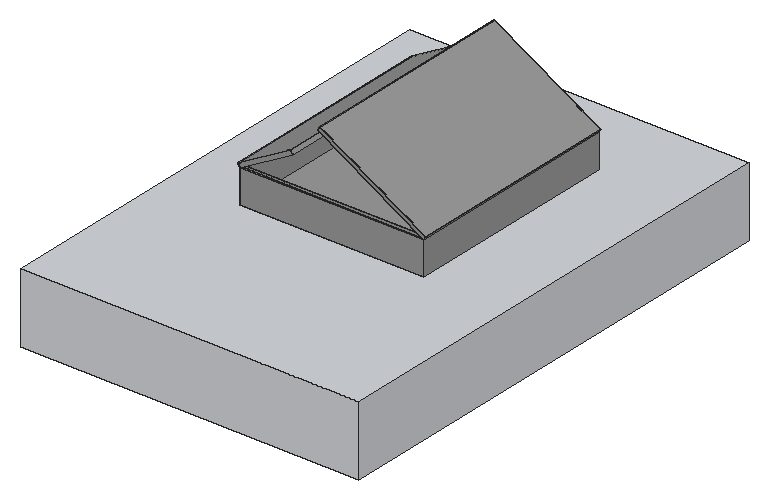
Revit family "Hager-Univers-IP44-D161-Cl.II-FWB-encl--DE-de", category Equipement électrique, Revit 2020
Family settings
  Hôte = Face
  Configuration du panneau = Deux colonnes, circuits au sein
  Cote de connecteur circulaire = Utiliser le diamètre
  Type d'élément = Tableau de raccordement
  Couper avec des vides une fois chargée = Non
  Partagée = Non
  Point de calcul de pièce = Non
Parameters (values of type "Aufputz IP44 B800 H950 T161  - FWB63D")
  Width Control [instance] = if([EF000008 - Breite] > Min Width, [EF000008 - Breite], Min Width)  # 800 mm
  Commentaires du type = [HG000003 - Bereich]  # "Univers"
  Thickness Door [instance] = if([EF009171 - Materialstärke Tür/Deckel] > 3 mm, 3 mm, [EF009171 - Materialstärke Tür/Deckel])  # 1 mm
  Seal Frame Offset [instance] = 17 mm  # constant formula
  Plinth Visibility [instance] = [HG000027 - Sockelhöhe] > 0 mm  # no
  Model = ""
  Min Width [instance] = 100 mm  # constant formula
  Min Height [instance] = 100 mm  # constant formula
  Min Depth [instance] = (2 * [EF009170 - Materialstärke Gehäuse]) + 1 mm  # 3 mm
  Internal Frame Depth [instance] = (Door System Depth * 0.5)  # 9 mm
  Height Control [instance] = if([EF000040 - Höhe] > Min Height, [EF000040 - Höhe], Min Height)  # 950 mm
  HG000027 - Sockelhöhe = 0 mm
  HG000026 - Stehend auf dem Boden = no
  HG000024 - Höhe des unteren Teils = 800 mm
  HG000023 - Gehäuse mit doppeltem Querschnitt = no
  HG000016 - 3D-Türsichtbarkeit [instance] = yes
  HG000015 - Sichtbarkeit der Türöffnung [instance] = no
  HG000014 - Tür rechts [instance] = yes
  HG000013 - Tür links [instance] = not([HG000014 - Tür rechts])  # no
  HG000012 - Türschwenkwinkel [instance] = 30.00°
  HG000010 - Asymmetrische Türen = yes
  HG000009 - Doppelflügeligen Tür = yes
  HG000006 - Unterputz = no
  HG000004 - Herstellerreferenz = "FWB63D"
  HG000003 - Bereich = "Univers"
  HG000002 - Mit tür = yes
  Frame Offset Bottom [instance] = 10 mm  # constant formula
  Frame Offset [instance] = 15 mm  # constant formula
  EF015940 - Deckel mit Überdruckentlastung = no
  EF011959 - Schutzart (NEMA) = ""
  EF009554 - Anzahl der Öffnungen für Flanschplatten = 6
  Fabricant = "Hager"  # constant formula
  EF009212 - Ausführung Deckel = "EV000116 - geschlossen"
  EF009171 - Materialstärke Tür/Deckel = 1 mm
  EF009170 - Materialstärke Gehäuse = 1 mm
  EF008873 - Nennstrom (In) = 125 A
  EF007800 - Geeignet für Blitzschutz = no
  EF006306 - Mit Schloss = no
  EF006244 - Transparenter Deckel/Tür = no
  EF005474 - Schutzart (IP) = "EV006418 - IP44"
  EF004464 - Art der Tür = "EV000494 - ohne"
  EF004427 - Anzahl der Module = 216
  EF004293 - Schlagfestigkeit = "EV006815 - IK09"
  EF003532 - Geeignet für Außengebrauch = no
  EF002950 - Breite in Teilungseinheiten = 12
  EF001613 - Funktionserhalt = "EV000494 - ohne"
  EF001596 - Werkstoff des Gehäuses = "EV000179 - Stahl"
  EF001131 - Innentiefe = 156 mm
  EF001088 - Anbaumöglichkeit = yes
  EF000437 - Anzahl der Leitungseinführungen = 12
  EF000339 - Art der Abdeckung = "EV004216 - Tür"
  EF000266 - Anzahl der Reihen = 0
  EF000218 - Einbautiefe = 0 mm
  EF000118 - Mit Montageplatte = no
  EF000116 - RAL-Nummer = "9010"
  EF000049 - Tiefe = 161 mm
  EF000040 - Höhe = 950 mm
  EF000008 - Breite = 800 mm
  EF000007 - Farbe = "EV000202 - weiß"
  EF000003 - Montageart = "EV000384 - Aufputz"
  Door System Leaf Tolerance [instance] = 1.5 mm  # constant formula
  Door System Depth [instance] = 18 mm  # constant formula
  Door Height [instance] = Height Control - [HG000027 - Sockelhöhe]  # 950 mm
  Depth Control [instance] = if([EF000049 - Tiefe] > Min Depth, [EF000049 - Tiefe], Min Depth)  # 161 mm
  Default Elevation = 0 mm
  Connector Offset [instance] = Height Control / 2  # 475 mm
  Bottom Top Plate Trim [instance] = 1.5 mm  # constant formula
  Plinth height Ctrl [instance] = if([HG000027 - Sockelhöhe] > 0 mm, [HG000027 - Sockelhöhe], 12 mm)  # 12 mm
Reference planes
  plane 1 "Center (Front/Back)": y = 0
  plane 2: z = 0
  plane 3 "Center (Left/Right)": x = 0
  plane 4: z = 161
  plane 5: y = 1
  plane 6: y = 475
  plane 7: y = 0
  plane 8: y = 950
  plane 9: z = 0
  plane 10: x = -385
  plane 11: x = 385
  plane 12: x = 384
  plane 13: x = -384
  plane 14: y = 949
  plane 15: x = -383
  plane 16: x = -400
  plane 17: x = 383
  plane 18: x = 400
  plane 19: x = 399
  plane 20: x = -399
  plane 21: y = 11
  plane 22: y = 950
  plane 23: y = 934
  plane 24: z = 143
  plane 25: z = 1
  plane 26: z = 142
  plane 27: z = 160
Forms (mm)
  Extrusion 1, solid
    sketch origin (0, 0, 0) x (1, 0, 0) y (0, 1, 0)
      loop
        line (-702.964, 1305) -> (-702.964, -811.445) -> (766.763, -811.445) -> (766.763, 1305) -> (-702.964, 1305)
    from 0 to -304.8
  Extrusion 2, solid, material "Hager_Steel_RAL7035_Light_Grey", visible <- "Plinth Visibility", detail levels medium+fine
    sketch origin (0, 0, 0) x (1, 0, 0) y (0, 1, 0)
      loop
        line (-400, 0) -> (400, 0) -> (400, 12) -> (-400, 12) -> (-400, 0)
    from 0 to 143
  Extrusion 3, solid, material "Hager_Steel_RAL7035_Light_Grey", detail levels medium+fine
    sketch origin (0, 0, 0) x (1, 0, 0) y (0, 1, 0)
      loop
        line (-400, 0) -> (400, 0) -> (400, 950) -> (-400, 950) -> (-400, 0)
    from 0 to 143
  Extrusion 4, void
    sketch origin (0, 0, 0) x (1, 0, 0) y (0, 1, 0)
      loop
        line (-399, 1) -> (399, 1) -> (399, 949) -> (-399, 949) -> (-399, 1)
    from 1 to 142
  Extrusion 5, void
    sketch origin (-381.607, -4572, 143) x (0, -1, 0) y (-1, 0, 0)
      loop
        line (-4583, 2.393) -> (-5506, 2.393) -> (-5506, -765.607) -> (-4583, -765.607) -> (-4583, 2.393)
    from 0 to 1 <- "EF009170 - Materialstärke Gehäuse"
  Extrusion 6, solid, material "Hager_Steel_RAL7035_Light_Grey", detail levels fine
    sketch origin (0, 0, 143) x (1, 0, 0) y (0, 1, 0)
      loop
        line (-384, 934) -> (-384, 11) -> (384, 11) -> (384, 934) -> (-384, 934)
      loop
        line (-385, 10) -> (385, 10) -> (385, 935) -> (-385, 935) -> (-385, 10)
    from 0 to 9 <- "Internal Frame Depth"
  Extrusion 7, solid, material "Hager_Steel_RAL7035_Light_Grey", detail levels coarse
    sketch origin (0, 0, 0) x (1, 0, 0) y (0, 1, 0)
      loop
        line (-400, 0) -> (400, 0) -> (400, 950) -> (-400, 950) -> (-400, 0)
    from 0 to 161
  Sweep 8, void
    path in 3D
      loop
        line (-400, 12, 0) -> (400, 12, 0) -> (400, 12, 143) -> (-400, 12, 143) -> (-400, 12, 0)
    profile origin (-400, 12, 71.5) x (-1, 0, 0) y (0, -1, 0)
      loop
        line (0, 0) -> (0, 1.5) -> (-1.5, 1.5)
        arc (-1.5, 1.5) -> (-1.061, 0.439) -> (0, 0) r 1.5
Cuts and joins
  Extrusion 4, Extrusion 5 cuts Extrusion 3
  Sweep 8 cuts Extrusion 2
Lines and regions (mm)
  Masking region 1
    outline origin (0, 0, 0) x (1, 0, 0) y (0, 0, 1)
      loop
        line (-400, 161) -> (-400, 0) -> (400, 0) -> (400, 161) -> (-400, 161)
  Masking region 2, detail levels medium+fine
    outline origin (0, 140, 0) x (0, 1, 0) y (0, 0, 1)
      loop
        line (-140, 0) -> (810, 0) -> (810, 143) -> (-140, 143) -> (-140, 0)
  Masking region 3, not visible, detail levels medium+fine
    outline origin (0, 297.922, 0) x (0, 1, 0) y (0, 0, 1)
      loop
        line (188.578, 0) -> (228.578, 0) -> (228.578, 150)
        arc (228.578, 150) -> (225.649, 157.071) -> (218.578, 160) r 10
        line (218.578, 160) -> (188.578, 160) -> (188.578, 0)
  Masking region 4, detail levels coarse
    outline origin (0, 0, 180) x (0, 1, 0) y (0, 0, 1)
      loop
        line (0, -180) -> (950, -180) -> (950, -19) -> (0, -19) -> (0, -180)
  Masking region 5, visible <- "Plinth Visibility", detail levels medium+fine
    outline origin (0, 52.24, 12.345) x (0, 0, -1) y (0, 1, 0)
      loop
        line (10.845, -40.24) -> (-129.155, -40.24)
        arc (-129.155, -40.24) -> (-129.594, -41.301) -> (-130.655, -41.74) r 1.5
        line (-130.655, -41.74) -> (-130.655, -52.24) -> (12.345, -52.24) -> (12.345, -41.74)
        arc (12.345, -41.74) -> (11.285, -41.301) -> (10.845, -40.24) r 1.5
  Masking region 6, detail levels medium+fine
    outline origin (-381.607, -4572, 143) x (-1, 0, 0) y (0, -1, 0)
      loop
        line (18.393, -5522) -> (18.393, -4572) -> (-781.607, -4572) -> (-781.607, -5522) -> (18.393, -5522)
  Masking region 7, visible <- "Plinth Visibility", detail levels medium+fine
    outline origin (-381.607, -4727, 143) x (-1, 0, 0) y (0, -1, 0)
      loop
        arc (16.893, -4739) -> (17.332, -4737.939) -> (18.393, -4737.5) r 1.5
        line (18.393, -4737.5) -> (18.393, -4727) -> (-781.607, -4727) -> (-781.607, -4737.5)
        arc (-781.607, -4737.5) -> (-780.546, -4737.939) -> (-780.107, -4739) r 1.5
        line (-780.107, -4739) -> (16.893, -4739)
  Masking region 8, detail levels coarse
    outline origin (-442.548, -4669.526, 143) x (-1, 0, 0) y (0, -1, 0)
      loop
        line (-42.548, -5619.526) -> (-42.548, -4669.526) -> (-842.548, -4669.526) -> (-842.548, -5619.526) -> (-42.548, -5619.526)
  sketch lines
    curve 1: line (-400, 12, 143) -> (-400, 12, 0)
    curve 2: line (400, 12, 143) -> (-400, 12, 143)
    curve 3: line (400, 12, 143) -> (400, 12, 0)
    curve 4: line (-400, 12, 0) -> (400, 12, 0)
Dimensions and locks
  "Depth Control": plane 4 to Extrusion 1
  "HG000027 - Sockelhöhe": plane 1 "Center (Front/Back)" to plane 7
  "EF009170 - Materialstärke Gehäuse": plane 5 to plane 7
  locked: connector elem to plane 3 "Center (Left/Right)"
  equal spacing: plane 8, plane 6, plane 7
  locked: connector elem to plane 6
  "EF009170 - Materialstärke Gehäuse": plane 8 to plane 14
  "EF009170 - Materialstärke Gehäuse": plane 10 to plane 13
  "EF009170 - Materialstärke Gehäuse": plane 12 to plane 11
  "Frame Offset": plane 20 to plane 13
  "Frame Offset": plane 12 to plane 19
  "EF009170 - Materialstärke Gehäuse": plane 16 to plane 20
  "EF009170 - Materialstärke Gehäuse": plane 19 to plane 18
  "Seal Frame Offset": plane 16 to plane 15
  "Seal Frame Offset": plane 17 to plane 18
  "Frame Offset Bottom": plane 21 to plane 5
  "Frame Offset": plane 14 to plane 23
  equal spacing: plane 16, plane 3 "Center (Left/Right)", plane 18
  "Width Control": plane 16 to plane 18
  "EF009170 - Materialstärke Gehäuse": plane 4 to plane 27
  "EF009170 - Materialstärke Gehäuse": plane 24 to plane 26
  "EF009170 - Materialstärke Gehäuse": plane 25 to level
  "Door System Depth": plane 4 to plane 24
  "Height Control": plane 1 "Center (Front/Back)" to Extrusion 7 sketch curve
  "Height Control": Masking region 4 sketch curve to plane 1 "Center (Front/Back)"
  "Height Control": plane 1 "Center (Front/Back)" to plane 22
  "Bottom Top Plate Trim": profile plane to Sweep 8 sketch curve
  "Bottom Top Plate Trim": Sweep 8 sketch curve to profile plane
  "Plinth height Ctrl": plane 1 "Center (Front/Back)" to Extrusion 2 sketch curve
  "Plinth height Ctrl": Masking region 5 sketch curve to plane 1 "Center (Front/Back)"
  "Plinth height Ctrl": plane 1 "Center (Front/Back)" to Masking region 7 sketch curve
  "Thickness Door": Extrusion 6 sketch curve to Extrusion 6 sketch curve  (x3)
  "Thickness Door": cut or joined group of Extrusion 3, Extrusion 4, Extrusion 5 to Extrusion 6 sketch curve
  radius of Masking region 3 sketch curve = 10 mm
  "Bottom Top Plate Trim": radius of Masking region 5 sketch curve  (x2)
  "Bottom Top Plate Trim": radius of Sweep 8 sketch curve
  "Bottom Top Plate Trim": radius of Masking region 7 sketch curve  (x2)
  aligned and locked: plane 2 to Extrusion 1
  aligned and locked: level to Extrusion 1
  aligned and locked: level to Masking region 1 sketch curve
  aligned and locked: Masking region 1 sketch curve to plane 18
  aligned and locked: Masking region 1 sketch curve to plane 16
  aligned and locked: plane 7 to Masking region 2 sketch curve
  aligned and locked: level to Masking region 3 sketch curve
  aligned and locked: Masking region 3 sketch curve to plane 27
  aligned and locked: level to Masking region 2 sketch curve
  aligned and locked: plane 1 "Center (Front/Back)" to Extrusion 2 sketch curve
  aligned and locked: Extrusion 3 sketch curve to plane 7
  aligned and locked: plane 16 to Extrusion 3 sketch curve
  aligned and locked: plane 18 to Extrusion 3 sketch curve
  aligned and locked: plane 20 to Extrusion 4 sketch curve
  aligned and locked: plane 19 to Extrusion 4 sketch curve
  aligned and locked: Extrusion 4 sketch curve to plane 5
  aligned and locked: Extrusion 4 to plane 25
  aligned and locked: plane 26 to Extrusion 4
  aligned and locked: plane 24 to Extrusion 3
  aligned and locked: Extrusion 5 sketch curve to plane 21
  aligned and locked: Extrusion 5 sketch curve to plane 13
  aligned and locked: Extrusion 5 sketch curve to plane 12
  aligned and locked: plane 18 to Extrusion 7 sketch curve
  aligned and locked: plane 1 "Center (Front/Back)" to Extrusion 7 sketch curve
  aligned and locked: plane 16 to Extrusion 7 sketch curve
  aligned and locked: plane 4 to Extrusion 7
  aligned and locked: Extrusion 7 to level
  aligned and locked: level to Masking region 4 sketch curve
  aligned and locked: Masking region 4 sketch curve to plane 1 "Center (Front/Back)"
  aligned and locked: Masking region 4 sketch curve to plane 4
  aligned and locked: nested 1 to level
  aligned and locked: nested 1 to plane 16
  aligned and locked: plane 8 to Extrusion 3 sketch curve
  aligned and locked: plane 23 to Extrusion 5 sketch curve
  aligned and locked: plane 14 to Extrusion 4 sketch curve
  aligned and locked: Masking region 2 sketch curve to plane 8
  aligned and locked: level to Masking region 5 sketch curve
  aligned and locked: plane 16 to Extrusion 2 sketch curve
  aligned and locked: plane 18 to Extrusion 2 sketch curve
  aligned and locked: Masking region 5 sketch curve to plane 24
  aligned and locked: Masking region 2 sketch curve to plane 24
  aligned and locked: plane 24 to Extrusion 2
  aligned and locked: profile plane to Sweep 8 sketch curve  (x2)
  aligned and locked: Masking region 6 sketch curve to plane 18
  aligned and locked: Masking region 6 sketch curve to plane 22
  aligned and locked: Masking region 6 sketch curve to plane 16
  aligned and locked: plane 8 to plane 22
  aligned and locked: Masking region 6 sketch curve to plane 7
  aligned and locked: Masking region 7 sketch curve to plane 16
  aligned and locked: Masking region 7 sketch curve to plane 1 "Center (Front/Back)"
  aligned and locked: Masking region 7 sketch curve to plane 18
  aligned and locked: Masking region 8 sketch curve to plane 1 "Center (Front/Back)"
  aligned and locked: Masking region 8 sketch curve to plane 18
  aligned and locked: Masking region 8 sketch curve to plane 22
  aligned and locked: Masking region 8 sketch curve to plane 16
  aligned and locked: nested 2 to plane 7
  aligned and locked: plane 3 "Center (Left/Right)" to nested 2
  aligned and locked: nested 2 to plane 24
  aligned and locked: Extrusion 6 sketch curve to cut or joined group of Extrusion 3, Extrusion 4, Extrusion 5  (x4)
Automatic sketch dimensions
  Extrusion 1 sketch curve to Extrusion 1 sketch curve = 1469.727 mm
  Extrusion 1 sketch curve to Extrusion 1 sketch curve = 2116.445 mm
  Masking region 1 sketch curve to plane 4 = 0 mm
  plane 6 to Masking region 3 sketch curve = 11.5 mm
  Masking region 3 sketch curve to Masking region 3 sketch curve = 30 mm
  Masking region 5 sketch curve to plane 1 "Center (Front/Back)" = 0 mm
Nested families
  nested 1: "Hager_Enclosure_Symbol" at (-400, 0, 0) x (1, 0, 0) z (0, -1, 0), Height <- "Depth Control", Width <- "Width Control", type "Hager_Enclosure_Symbol"
    with Width_Ctrl 800 mm, Width 800 mm, Height_Ctrl 161 mm, Height 161 mm, A_Width_Int 10.566 mm, A_Width 126.788 mm, A_Height_Ctrl 140.875 mm, A_Height 140.875 mm
  nested 2: "EC000058_Univers_Door" at (0, 0, 143) x (1, 0, 0) z (0, 1, 0), Leaf_Tolerance <- "Door System Leaf Tolerance", Angle <- "HG000012 - Türschwenkwinkel", Door_Depth <- "Door System Depth", Door_Left <- "HG000013 - Tür links", Transparent <- "EF006244 - Transparenter Deckel/Tür", Assymetrical <- "HG000010 - Asymmetrische Türen", Width <- "Width Control", Clearance <- "HG000015 - Sichtbarkeit der Türöffnung", Double <- "HG000009 - Doppelflügeligen Tür", 3d_Door <- "HG000016 - 3D-Türsichtbarkeit", Lock_Visibility <- "EF006306 - Mit Schloss", Width_Ctrl <- "Width Control", Door_Right <- "HG000014 - Tür rechts", Door <- "HG000002 - Mit tür", Height <- "Door Height", Thickness <- "Thickness Door", type "EC000058_Univers_Door", detail levels medium+fine
    with min_wh 3 mm, Width_Ctrl 800 mm, Width 800 mm, Transparent no, Thickness 1 mm, Seal_Material Hager_Rubber, Lock_Visibility no, Lock_Material Hager_Plastic_RAL9005_Jet_Black, Leaf_Width 800 mm, Leaf_Tolerance_External_Sides 0 mm, Leaf_Tolerance 1.5 mm, Leaf_Offset 0 mm, Leaf_Height 947 mm, Leaf_2_Width 532.583 mm, Leaf_2_Offset 266.292 mm, Leaf_1_Width 265.917 mm, Leaf_1_Offset 132.958 mm, Height_Ctrl 950 mm, Height 950 mm, Glass_Material Hager_Glass, Double_Clearance_Ctrl no, Double yes, Door_Right_Ctrl yes, Door_Right yes, Door_Material Hager_Steel_RAL7035_Light_Grey, Door_Left_Ctrl yes, Door_Left no, Door_Depth 18 mm, Door yes, Clearance_Material Hager_Clearance, Clearance_Depth 532.583 mm, Clearance_Ctrl no, Clearance no, Assymetrical yes, Angle 30.00°, 3d_Door yes
Connectors
  electrical at (0, 475, 0)
    settings: on plane 9, index 1, voltage 0 V, apparent load 0 VA, apparent load phase1 0 VA, apparent load phase2 0 VA, apparent load phase3 0 VA, power factor 1, load classification "Other", number of poles 1, system type 30, power factor state 1, is connector primary yes, connector utility no, sub classification motor no, connector description ""
Definition of nested family "EC000058_Univers_Door"
  Parameters (values of type "EC000058_Univers_Door")
    min_wh [instance] = (2 * Thickness) + 1 mm  # 11 mm
    Width_Ctrl [instance] = 400 mm
    Width [instance] = 500 mm
    Transparent [instance] = yes
    Thickness [instance] = 5 mm
    Seal_Material [instance] = none
    Lock_Visibility [instance] = yes
    Lock_Material [instance] = none
    Leaf_Width [instance] = if((Width_Ctrl - 2 * Leaf_Tolerance_External_Sides) > 0 mm, (Width_Ctrl - 2 * Leaf_Tolerance_External_Sides), min_wh)  # 400 mm
    Leaf_Tolerance_External_Sides [instance] = 0 mm  # constant formula
    Leaf_Tolerance [instance] = 1.5 mm
    Leaf_Offset [instance] = 0 mm  # constant formula
    Leaf_Height [instance] = if((Height_Ctrl - 2 * Leaf_Tolerance) > 0 mm, (Height_Ctrl - 2 * Leaf_Tolerance), min_wh)  # 497 mm
    Leaf_2_Width [instance] = if(and(and(Double, Assymetrical), Door_Left), (Leaf_Width / 3) - (Leaf_Tolerance / 2), if(and(and(Double, Assymetrical), Door_Right), (Leaf_Width / 3) * 2 - (Leaf_Tolerance / 2), if(and(Double, not(Assymetrical)), (Leaf_Width / 2) - Leaf_Tolerance, Leaf_Width)))  # 400 mm
    Leaf_2_Offset [instance] = if(and(Double, Assymetrical), Leaf_2_Width / 2, if(and(Double, not(Assymetrical)), Leaf_Width / 4, Leaf_Width / 2))  # 200 mm
    Leaf_1_Width [instance] = if(and(and(Double, Assymetrical), Door_Right), (Leaf_Width / 3) - (Leaf_Tolerance / 2), if(and(and(Double, Assymetrical), Door_Left), (Width / 3) * 2 - (Leaf_Tolerance / 2), if(and(Double, not(Assymetrical)), (Leaf_Width / 2) - Leaf_Tolerance, Leaf_Width)))  # 400 mm
    Leaf_1_Offset [instance] = if(and(Double, Assymetrical), Leaf_1_Width / 2, if(and(Double, not(Assymetrical)), Leaf_Width / 4, Leaf_Width / 2))  # 200 mm
    Height_Ctrl [instance] = if(Height > min_wh, Height, min_wh)  # 500 mm
    Height [instance] = 500 mm
    Glass_Material [instance] = none
    Double_Clearance_Ctrl [instance] = and(Double, Clearance)  # no
    Double [instance] = no
    Door_Right_Ctrl [instance] = and(or(Door_Right, Double), Door)  # yes
    Door_Right [instance] = yes
    Door_Material [instance] = none
    Door_Left_Ctrl [instance] = and(or(Door_Left, Double), Door)  # no
    Door_Left [instance] = no
    Door_Depth [instance] = 30 mm
    Door [instance] = yes
    Default Elevation = 1219.2 mm
    Clearance_Material [instance] = none
    Clearance_Depth [instance] = if(Leaf_1_Width > Leaf_2_Width, Leaf_1_Width, Leaf_2_Width)  # 400 mm
    Clearance_Ctrl [instance] = and(not(Double), Clearance)  # yes
    Clearance [instance] = yes
    Assymetrical [instance] = yes
    Angle [instance] = 30.00°
    3d_Door [instance] = yes
  Reference planes
    plane 1 "Center (Front/Back)": y = 0
    plane 2 "Bottom": z = 0
    plane 3 "Center (Left/Right)": x = 0
    plane 4: z = 500
    plane 5: x = -200
    plane 6: x = 200
    plane 7: z = 500
    plane 8: x = -200
    plane 9: z = 0
    plane 10: x = 200
    plane 11: y = 0
    plane 12: z = 1.5
    plane 13: x = -600
    plane 14: y = -400
    plane 15: x = 600
    plane 16: x = 0
    plane 17: x = 0
    plane 18: x = -200
    plane 19: x = 200
    plane 20: z = 498.5
  Forms (mm)
    Extrusion 1, solid, material <- "Clearance_Material", visible <- "Double_Clearance_Ctrl"
      sketch origin (1200, 0, 0) x (1, 0, 0) y (0, 0, -1)
        loop
          line (-1800, -498.5) -> (-600, -498.5) -> (-600, 0) -> (-1800, 0) -> (-1800, -498.5)
      from 0 to -400
  Dimensions and locks
    equal spacing: plane 5, plane 3 "Center (Left/Right)", plane 6
    "Width_Ctrl": plane 5 to plane 6
    "Leaf_Offset": plane 5 to plane 8
    "Leaf_Offset": plane 6 to plane 10
    "Leaf_Offset": plane 9 to level
    "Leaf_Offset": plane 4 to plane 7
    "Height_Ctrl": plane 4 to level
    "Leaf_Tolerance": plane 12 to plane 9
    locked: plane 11 to plane 1 "Center (Front/Back)"
    "Leaf_1_Offset": plane 18 to plane 16
    "Leaf_2_Offset": plane 17 to plane 19
    "Leaf_1_Width": plane 13 to plane 8
    "Leaf_2_Width": plane 10 to plane 15
    "Clearance_Depth": plane 14 to plane 1 "Center (Front/Back)"
    "Leaf_Tolerance_External_Sides": plane 8 to plane 18
    "Leaf_Tolerance_External_Sides": plane 19 to plane 10
    "Leaf_Tolerance": plane 7 to plane 20
    aligned and locked: level to plane 2 "Bottom"
    aligned and locked: nested 1 to plane 16
    aligned and locked: nested 2 to plane 17
    aligned and locked: Extrusion 1 to plane 13
    aligned and locked: plane 15 to Extrusion 1
    aligned and locked: Extrusion 1 to plane 14
    aligned and locked: plane 12 to nested 1
    aligned and locked: nested 2 to plane 12
    aligned and locked: Extrusion 1 to plane 11
    aligned and locked: plane 20 to Extrusion 1
    aligned and locked: nested 2 to plane 11
    aligned and locked: nested 1 to plane 11
  Automatic sketch dimensions
    Extrusion 1 sketch curve to level = 0 mm
    plane 5 to Extrusion 1 sketch curve = 400 mm
    plane 6 to Extrusion 1 sketch curve = 400 mm
    Extrusion 1 sketch curve to plane 4 = 1.5 mm
  Nested families
    nested 1: "EC000058_Univers_Door_Leaf" at (0, 0, 1.5), Width <- "Leaf_1_Width", visible <- "Door_Left_Ctrl", Leaf_Height <- "Leaf_Height", Angle <- "Angle", 3d_Door <- "3d_Door", Transparent <- "Transparent", Clearance Material <- "Clearance_Material", Clearance <- "Clearance_Ctrl", Door_Material <- "Door_Material", Glass_Material <- "Glass_Material", Door_Depth <- "Door_Depth", Lock_Material <- "Lock_Material", Seal_Material <- "Seal_Material", Lock_Visibility <- "Lock_Visibility", Thickness <- "Thickness", type "EC000058_Univers_Door_Leaf"
      with Width 400 mm, Transparent_Glass_Offset 30 mm, Transparent_Ctrl yes, Transparent yes, Thickness 5 mm, Standard no, Seal_Material none, Seal_D2 8 mm, Seal_D1 1 mm, Offset_Internal_Frame 10 mm, Lock_Width 20 mm, Lock_Visibility_3d yes, Lock_Visibility yes, Lock_Thickness_3 3 mm, Lock_Thickness_2 1 mm, Lock_Thickness_1 3 mm, Lock_Radius_Offset_2 16 mm, Lock_Radius_Offset_1 15 mm, Lock_Radius_2 5 mm, Lock_Radius 6 mm, Lock_Offset 5 mm, Lock_Material none, Lock_Height 80 mm, Lock_Cover_Top_Offset_2d 17 mm, Lock_Cover_Height -65 mm, Leaf_Height 497 mm, Internal_Seal_Thickness 8 mm, Internal_Seal_Depth_2 4.5 mm, Internal_Frame_Depth 25 mm, Glass_Thickness -1 mm, Glass_Offset -2 mm, Glass_Material none, Door_Material none, Door_Depth 30 mm, Clearance Material none, Clearance yes, Angle_Ctrl 30.00°, Angle 30.00°, 3d_Door yes
    nested 2: "EC000058_Univers_Door_Leaf" at (0, 0, 1.5) x (-1, 0, 0) z (0, 0, 1), Width <- "Leaf_2_Width", visible <- "Door_Right_Ctrl", Leaf_Height <- "Leaf_Height", Angle <- "Angle", 3d_Door <- "3d_Door", Transparent <- "Transparent", Clearance Material <- "Clearance_Material", Clearance <- "Clearance_Ctrl", Door_Material <- "Door_Material", Glass_Material <- "Glass_Material", Door_Depth <- "Door_Depth", Lock_Material <- "Lock_Material", Seal_Material <- "Seal_Material", Lock_Visibility <- "Lock_Visibility", Thickness <- "Thickness", type "EC000058_Univers_Door_Leaf"
      with Width 400 mm, Transparent_Glass_Offset 30 mm, Transparent_Ctrl yes, Transparent yes, Thickness 5 mm, Standard no, Seal_Material none, Seal_D2 8 mm, Seal_D1 1 mm, Offset_Internal_Frame 10 mm, Lock_Width 20 mm, Lock_Visibility_3d yes, Lock_Visibility yes, Lock_Thickness_3 3 mm, Lock_Thickness_2 1 mm, Lock_Thickness_1 3 mm, Lock_Radius_Offset_2 16 mm, Lock_Radius_Offset_1 15 mm, Lock_Radius_2 5 mm, Lock_Radius 6 mm, Lock_Offset 5 mm, Lock_Material none, Lock_Height 80 mm, Lock_Cover_Top_Offset_2d 17 mm, Lock_Cover_Height -65 mm, Leaf_Height 497 mm, Internal_Seal_Thickness 8 mm, Internal_Seal_Depth_2 4.5 mm, Internal_Frame_Depth 25 mm, Glass_Thickness -1 mm, Glass_Offset -2 mm, Glass_Material none, Door_Material none, Door_Depth 30 mm, Clearance Material none, Clearance yes, Angle_Ctrl 30.00°, Angle 30.00°, 3d_Door yes
  Definition of nested family "EC000058_Univers_Door_Leaf"
    Parameters (values of type "EC000058_Univers_Door_Leaf")
      Width [instance] = 2000 mm
      Transparent_Glass_Offset [instance] = 30 mm
      Transparent_Ctrl [instance] = and(Transparent, [3d_Door])  # yes
      Transparent [instance] = yes
      Thickness [instance] = 5 mm
      Standard [instance] = and(not(Transparent), [3d_Door])  # no
      Seal_Material [instance] = none
      Seal_D2 [instance] = 8 mm  # constant formula
      Seal_D1 [instance] = 1 mm  # constant formula
      Offset_Internal_Frame [instance] = 10 mm  # constant formula
      Lock_Width [instance] = 20 mm  # constant formula
      Lock_Visibility_3d [instance] = and(Lock_Visibility, [3d_Door])  # yes
      Lock_Visibility [instance] = yes
      Lock_Thickness_3 [instance] = 3 mm  # constant formula
      Lock_Thickness_2 [instance] = 1 mm  # constant formula
      Lock_Thickness_1 [instance] = 3 mm  # constant formula
      Lock_Radius_Offset_2 [instance] = Lock_Radius_Offset_1 + 1 mm  # 16 mm
      Lock_Radius_Offset_1 [instance] = 15 mm  # constant formula
      Lock_Radius_2 [instance] = Lock_Radius - 1 mm  # 5 mm
      Lock_Radius [instance] = 6 mm  # constant formula
      Lock_Offset [instance] = 5 mm  # constant formula
      Lock_Material [instance] = none
      Lock_Height [instance] = 80 mm  # constant formula
      Lock_Cover_Top_Offset_2d [instance] = Lock_Radius_Offset_2 + 1 mm  # 17 mm
      Lock_Cover_Height [instance] = -(Lock_Height - Lock_Radius_Offset_1)  # -65 mm
      Leaf_Height [instance] = 2720.336 mm
      Internal_Seal_Thickness [instance] = 8 mm  # constant formula
      Internal_Seal_Depth_2 [instance] = 4.5 mm  # constant formula
      Internal_Frame_Depth [instance] = if(Door_Depth - Thickness > 5 mm, Door_Depth - Thickness, 5 mm)  # 25 mm
      Glass_Thickness [instance] = if(Thickness > 15 mm, Glass_Offset + 10 mm, -1 mm)  # -1 mm
      Glass_Offset [instance] = if(Thickness > 15 mm, -(Thickness + 10 mm) / 2, -2 mm)  # -2 mm
      Glass_Material [instance] = none
      Door_Material [instance] = none
      Door_Depth [instance] = 30 mm
      Default Elevation = 0 mm
      Clearance Material [instance] = none
      Clearance [instance] = yes
      Angle_Ctrl [instance] = if(Angle > 180.00°, 180.00°, Angle)  # 90.00°
      Angle [instance] = 90.00°
      3d_Door [instance] = yes
    Reference planes
      plane 1 "Center (Front/Back)": y = 0
      plane 2: z = 0
      plane 3 "Center (Left/Right)": x = 0
      plane 4: y = 2000
      plane 5: x = -1000
      plane 6: x = 1000
      plane 7: x = -3000
      plane 8: z = 2720.336
      plane 9: z = 30
      plane 10: z = 2690.336
      plane 11: x = 970
      plane 12: x = -970
      plane 13: y = -3
      plane 14: z = 107.833
      plane 15: y = -5
      plane 16: y = -223.314
      plane 17: x = -1000
      plane 18: z = 1360.168
      plane 19: y = 30
    Forms (mm)
      Extrusion 1, solid, material <- "Clearance Material", visible <- "Clearance"
        sketch origin (0, 0, 0) x (1, 0, 0) y (0, 0, 1)
          loop
            line (-3000, 2720.336) -> (-3000, 0) -> (1000, 0) -> (1000, 2720.336) -> (-3000, 2720.336)
        from 0 to -2000
      Extrusion 2, solid, material <- "Door_Material", visible <- "Standard", detail levels medium+fine
        sketch origin (-1000, 0, 0) x (0, 1, 0) y (-1, 0, 0)
          loop
            line (0, 30) -> (0, 25) -> (2000, 25) -> (2000, 30) -> (0, 30)
        from 0 to 2720.336 <- "Leaf_Height"
      Extrusion 3, solid, material <- "Door_Material", visible <- "Transparent_Ctrl", detail levels medium+fine
        sketch origin (-1000, 0, 0) x (0, 1, 0) y (-1, 0, 0)
          loop
            line (0, 25) -> (2000, 25) -> (2000, 30) -> (0, 30) -> (0, 25)
        from 0 to 2720.336 <- "Leaf_Height"
      Extrusion 4, void
        sketch origin (-1025, 2000, 0) x (0, 1, 0) y (0, 0, -1)
          loop
            line (-30, -2690.336) -> (-30, -30) -> (-1970, -30) -> (-1970, -2690.336) -> (-30, -2690.336)
        from 0 to 5 <- "Thickness"
      Sweep 5, solid, material <- "Seal_Material", visible <- "Transparent_Ctrl", detail levels fine
        path in 3D
          loop
            line (-1025, 30, 30) -> (-1025, 30, 2690.336) -> (-1025, 1970, 2690.336) -> (-1025, 1970, 30) -> (-1025, 30, 30)
        profile origin (-1025, 1000, 30) x (1, 0, 0) y (0, 0, 1)
          loop
            line (0, 0) -> (0, -8) -> (1, -8) -> (1, 0) -> (0, 0)
      Extrusion 6, solid, material <- "Glass_Material", visible <- "Transparent_Ctrl", detail levels medium+fine
        sketch origin (-1030, 0, 0) x (0, 1, 0) y (0, 0, -1)
          loop
            line (1970, -2690.336) -> (1970, -30) -> (30, -30) -> (30, -2690.336) -> (1970, -2690.336)
        from -2 <- "Glass_Offset" to -1 <- "Glass_Thickness"
      Extrusion 7, solid, material <- "Door_Material", visible <- "3d_Door", detail levels medium+fine
        sketch origin (-1025, 2000, 0) x (0, -1, 0) y (0, 0, -1)
          loop
            line (0, -2720.336) -> (2000, -2720.336) -> (2000, 0) -> (0, 0) -> (0, -2720.336)
          loop
            line (1995, -5) -> (5, -5) -> (5, -2715.336) -> (1995, -2715.336) -> (1995, -5)
        from 0 to 25 <- "Internal_Frame_Depth"
      Sweep 8, solid, material <- "Seal_Material", visible <- "Transparent_Ctrl", detail levels fine
        path in 3D
          loop
            line (-1025, 0, 0) -> (-1025, 2000, 0) -> (-1025, 2000, 2720.336) -> (-1025, 0, 2720.336) -> (-1025, 0, 0)
        profile origin (-1025, 0, 1360.168) x (1, 0, 0) y (0, 1, 0)
          loop
            line (0, 10) -> (2.975, 10)
            arc (2.975, 10) -> (4.053, 10.447) -> (4.5, 11.525) r 1.525
            line (4.5, 11.525) -> (4.5, 16.527)
            arc (4.5, 16.527) -> (4.069, 17.569) -> (3.027, 18) r 1.473
            line (3.027, 18) -> (0, 18) -> (0, 10)
      Extrusion 9, solid, material <- "Lock_Material", visible <- "Lock_Visibility_3d", detail levels fine
        sketch origin (-1030, 0, 0) x (0, 1, 0) y (0, 0, -1)
          loop
            arc (1993.5, -1400.168) -> (1994.561, -1399.729) -> (1995, -1398.668) r 1.5
            line (1995, -1398.668) -> (1995, -1320.168) -> (1975, -1320.168) -> (1975, -1398.668)
            arc (1975, -1398.668) -> (1975.439, -1399.729) -> (1976.5, -1400.168) r 1.5
            line (1976.5, -1400.168) -> (1993.5, -1400.168)
        from 3 <- "Lock_Thickness_1" to 0
      Blend 10, solid, material <- "Lock_Material", visible <- "Lock_Visibility_3d", detail levels fine
        base sketch origin (-1033, 0, 0) x (0, 1, 0) y (0, 0, -1)
          loop
            line (1975, -1320.168) -> (1975, -1398.668)
            arc (1975, -1398.668) -> (1975.439, -1399.729) -> (1976.5, -1400.168) r 1.5
            line (1976.5, -1400.168) -> (1993.5, -1400.168)
            arc (1993.5, -1400.168) -> (1994.561, -1399.729) -> (1995, -1398.668) r 1.5
            line (1995, -1398.668) -> (1995, -1320.168) -> (1975, -1320.168)
        top sketch origin (-1033, 0, 0) x (0, 1, 0) y (0, 0, -1)
          loop
            line (1976, -1320.168) -> (1976, -1398.668)
            arc (1976, -1398.668) -> (1976.146, -1399.022) -> (1976.5, -1399.168) r 0.5
            line (1976.5, -1399.168) -> (1993.5, -1399.168)
            arc (1993.5, -1399.168) -> (1993.854, -1399.022) -> (1994, -1398.668) r 0.5
            line (1994, -1398.668) -> (1994, -1320.168) -> (1976, -1320.168)
        from 0 to 1 <- "Lock_Thickness_2"
      Blend 11, solid, material <- "Lock_Material", visible <- "Lock_Visibility_3d", detail levels fine
        base sketch origin (-1034, 0, 0) x (0, 1, 0) y (0, 0, -1)
          loop
            line (1978, -1320.168) -> (1978, -1384.168)
            arc (1978, -1384.168) -> (1985, -1391.168) -> (1992, -1384.168) r 7
            line (1992, -1384.168) -> (1992, -1320.168) -> (1978, -1320.168)
        top sketch origin (-1034, 0, 0) x (0, 1, 0) y (0, 0, -1)
          loop
            line (1991, -1320.168) -> (1979, -1320.168) -> (1979, -1383.168)
            arc (1979, -1383.168) -> (1985, -1389.168) -> (1991, -1383.168) r 6
            line (1991, -1383.168) -> (1991, -1320.168)
        from 0 to 3 <- "Lock_Thickness_3"
      Extrusion 12, solid, material <- "Lock_Material", visible <- "Lock_Visibility_3d", detail levels fine
        sketch origin (-1030, 1975, 1320.168) x (1, 0, 0) y (0, -1, 0)
          loop
            line (-7, -19) -> (-7, -1) -> (0, -1) -> (0, 0) -> (-8, 0) -> (-8, -20) -> (0, -20) -> (0, -19) -> (-7, -19)
        from 0 to -65 <- "Lock_Cover_Height"
      Extrusion 13, void
        sketch origin (-1038, 1995, 1320.168) x (-1, 0, 0) y (0, 0, -1)
          loop
            line (-5, -65) -> (0, -65) -> (-5, -60) -> (-5, -65)
        from 0 to 20 <- "Lock_Width"
      Extrusion 14, void
        sketch origin (-1038, 1975, 1320.168) x (0, -1, 0) y (0, 0, -1)
          loop
            circle (-10, -15.995) r 6
          loop
            circle (-10, -15.995) r 5
        from 0 to 2
      Extrusion 15, solid, material <- "Lock_Material", visible <- "Lock_Visibility_3d", detail levels medium
        sketch origin (-1030, 0, 0) x (0, 1, 0) y (0, 0, -1)
          loop
            arc (1993.5, -1400.168) -> (1994.561, -1399.729) -> (1995, -1398.668) r 1.5
            line (1995, -1398.668) -> (1995, -1320.168) -> (1975, -1320.168) -> (1975, -1398.668)
            arc (1975, -1398.668) -> (1975.439, -1399.729) -> (1976.5, -1400.168) r 1.5
            line (1976.5, -1400.168) -> (1993.5, -1400.168)
        from 8 to 0
    Cuts and joins
      Extrusion 4 cuts Extrusion 3
      Extrusion 13, Extrusion 14 cuts Extrusion 9
      Extrusion 14 cuts Blend 11
      Extrusion 13, Extrusion 14 cuts Extrusion 12
      joined: Extrusion 9, Blend 10, Blend 11, Extrusion 12
      Extrusion 14 cuts Extrusion 15
    Lines and regions (mm)
      Masking region 1, visible <- "Lock_Visibility", detail levels fine
        outline origin (0, 0, 0) x (0, 1, 0) y (0, 0, 1)
          loop
            line (30, 1320.168) -> (33, 1320.168) -> (33, 1400.168) -> (30, 1400.168) -> (30, 1320.168)
      Masking region 2, visible <- "Lock_Visibility", detail levels fine
        outline origin (0, 3.143, 0) x (0, 1, 0) y (0, 0, 1)
          loop
            line (29.857, 1354.168) -> (30.857, 1354.168) -> (30.857, 1366.168) -> (29.857, 1366.168) -> (29.857, 1354.168)
      Masking region 3, detail levels medium+fine
        outline origin (0, 0, 0) x (0, 1, 0) y (0, 0, 1)
          loop
            line (0, 0) -> (30, 0) -> (30, 2720.336) -> (0, 2720.336) -> (0, 0)
      Masking region 4, detail levels medium+fine
        outline origin (0, 0, 0) x (1, 0, 0) y (0, 0, 1)
          loop
            line (-1000, 2720.336) -> (-1000, 0) -> (1000, 0) -> (1000, 2720.336) -> (-1000, 2720.336)
      Masking region 5, visible <- "Lock_Visibility", detail levels fine
        outline origin (-47.116, 0, 0) x (1, 0, 0) y (0, 0, 1)
          loop
            arc (1024.616, 1399.168) -> (1023.556, 1398.729) -> (1023.116, 1397.668) r 1.5
            line (1023.116, 1397.668) -> (1023.116, 1320.168) -> (1041.116, 1320.168) -> (1041.116, 1397.668)
            arc (1041.116, 1397.668) -> (1040.677, 1398.729) -> (1039.616, 1399.168) r 1.5
            line (1039.616, 1399.168) -> (1024.616, 1399.168)
      Masking region 6, visible <- "Lock_Visibility", detail levels medium+fine
        outline origin (-25, 0, 0) x (1, 0, 0) y (0, 0, 1)
          loop
            arc (1001.5, 1400.168) -> (1000.439, 1399.729) -> (1000, 1398.668) r 1.5
            line (1000, 1398.668) -> (1000, 1320.168) -> (1020, 1320.168) -> (1020, 1398.668)
            arc (1020, 1398.668) -> (1019.561, 1399.729) -> (1018.5, 1400.168) r 1.5
            line (1018.5, 1400.168) -> (1001.5, 1400.168)
      Masking region 7, visible <- "Lock_Visibility", detail levels fine
        outline origin (-73.735, 0, 0) x (1, 0, 0) y (0, 0, 1)
          loop
            line (1051.735, 1382.168) -> (1065.735, 1382.168) -> (1065.735, 1384.168)
            arc (1065.735, 1384.168) -> (1058.735, 1391.168) -> (1051.735, 1384.168) r 7
            line (1051.735, 1384.168) -> (1051.735, 1382.168)
      Masking region 8, visible <- "Lock_Visibility", detail levels fine
        outline origin (-73.735, 0, 0) x (1, 0, 0) y (0, 0, 1)
          loop
            line (1052.735, 1382.168) -> (1064.735, 1382.168) -> (1064.735, 1383.168)
            arc (1064.735, 1383.168) -> (1058.735, 1389.168) -> (1052.735, 1383.168) r 6
            line (1052.735, 1383.168) -> (1052.735, 1382.168)
      Masking region 9, visible <- "Lock_Visibility", detail levels fine
        outline origin (-25, 0, 0) x (1, 0, 0) y (0, 0, 1)
          loop
            line (1020, 1320.168) -> (1020, 1382.168) -> (1000, 1382.168) -> (1000, 1320.168) -> (1020, 1320.168)
      Masking region 10, detail levels medium+fine
        outline origin (0, 0, 0) x (1, 0, 0) y (0, 0, 1)
          loop
            circle (985, 1335.144) r 6
      Masking region 11, detail levels fine
        outline origin (0, 0, 0) x (1, 0, 0) y (0, 0, 1)
          loop
            circle (985, 1335.144) r 5
      Masking region 12, visible <- "Lock_Visibility", detail levels fine
        outline origin (0, 12.767, 0) x (0, 1, 0) y (0, 0, 1)
          loop
            line (20.233, 1320.168) -> (21.233, 1320.168) -> (21.233, 1399.168) -> (20.233, 1400.168) -> (20.233, 1320.168)
      Masking region 13, visible <- "Lock_Visibility", detail levels fine
        outline origin (0, 13.767, -10) x (0, 1, 0) y (0, 0, 1)
          loop
            line (20.233, 1330.168) -> (23.233, 1330.168) -> (23.233, 1399.168) -> (20.233, 1402.168) -> (20.233, 1330.168)
      Masking region 14, visible <- "Lock_Visibility", detail levels fine
        outline origin (0, 12.767, -10) x (0, 1, 0) y (0, 0, 1)
          loop
            line (20.233, 1330.168) -> (25.233, 1330.168) -> (25.233, 1399.305) -> (20.233, 1394.305) -> (20.233, 1330.168)
      Masking region 15, visible <- "Lock_Visibility", detail levels medium
        outline origin (0, 0, 0) x (0, 1, 0) y (0, 0, 1)
          loop
            line (30, 1320.168) -> (38, 1320.168) -> (38, 1400.168) -> (30, 1400.168) -> (30, 1320.168)
      Masking region 16, visible <- "Lock_Visibility", detail levels fine
        outline origin (-1000, 0, 0) x (0, 1, 0) y (-1, 0, 0)
          loop
            line (1975, 30) -> (1995, 30) -> (1995, 38) -> (1975, 38) -> (1975, 30)
          loop
            line (1979, 37) -> (1976, 37) -> (1976, 34) -> (1978, 34) -> (1979, 37)
          loop
            line (1994, 37) -> (1991, 37) -> (1992, 34) -> (1994, 34) -> (1994, 37)
      Masking region 17, visible <- "Lock_Visibility", detail levels medium
        outline origin (-1000, 0, 0) x (0, 1, 0) y (-1, 0, 0)
          loop
            line (1975, 30) -> (1995, 30) -> (1995, 38) -> (1975, 38) -> (1975, 30)
      symbolic lines
        curve 1: line (1000, 0, 0) -> (-3000, 0, 0)
        curve 2: arc (1000, 0, 0) -> (-1000, 2000, 0) -> (-3000, 0, 0) r 2000
        curve 4: line (-1030, 0, 0) -> (-1030, 2000, 0)
      reference lines
        curve 3: line (-1000, 0, 0) -> (-1000, 2000, 0)
      symbolic lines, detail levels medium+fine
        curve 5: line (-1030, 2000, 0) -> (-1025, 2000, 0)
        curve 7: line (-1025, 0, 0) -> (-1030, 0, 0)
        curve 8: line (-1025, 0, 0) -> (-1000, 0, 0)
        curve 9: line (-1000, 0, 0) -> (-1000, 2000, 0)
        curve 10: line (-1000, 2000, 0) -> (-1025, 2000, 0)
      symbolic lines, detail levels fine
        curve 6: line (-1025, 2000, 0) -> (-1025, 0, 0)
      sketch lines
        curve 11: line (-1025, 0, 2720.336) -> (-1025, 0, 0)
        curve 12: line (-1025, 2000, 0) -> (-1025, 0, 0)
        curve 13: line (-1025, 2000, 2720.336) -> (-1025, 2000, 0)
        curve 14: line (-1025, 0, 2720.336) -> (-1025, 2000, 2720.336)
        curve 15: line (-1025, 1970, 30) -> (-1025, 30, 30)
        curve 16: line (-1025, 30, 30) -> (-1025, 30, 2690.336)
        curve 17: line (-1025, 1970, 2690.336) -> (-1025, 1970, 30)
        curve 18: line (-1025, 30, 2690.336) -> (-1025, 1970, 2690.336)
      symbolic lines, visible <- "Transparent", detail levels medium+fine
        curve 19: line (-970, 0, 2690.336) -> (970, 0, 2690.336)
        curve 20: line (-970, 0, 30) -> (-970, 0, 2690.336)
        curve 21: line (970, 0, 30) -> (-970, 0, 30)
        curve 22: line (970, 0, 2690.336) -> (970, 0, 30)
    Dimensions and locks
      "Width": plane 1 "Center (Front/Back)" to plane 4
      equal spacing: plane 5, plane 3 "Center (Left/Right)", plane 6
      "Width": plane 5 to plane 6
      "Width": plane 7 to plane 5
      "Leaf_Height": plane 8 to level
      "Width": curve 5 to curve 3
      "Width": curve 3 to curve 3
      plane 8 to plane 10 = 30 mm
      plane 9 to level = 30 mm
      plane 12 to plane 5 = 30 mm
      plane 6 to plane 11 = 30 mm
      Extrusion 1 to Extrusion 4 sketch curve = 30 mm
      "Transparent_Glass_Offset": curve 3 to Extrusion 4 sketch curve
      "Transparent_Glass_Offset": Extrusion 4 sketch curve to cut or joined group of Extrusion 3, Extrusion 4  (x2)
      cut or joined group of Extrusion 3, Extrusion 4 to Extrusion 6 sketch curve = 30 mm
      "Transparent_Glass_Offset": cut or joined group of Extrusion 3, Extrusion 4 to Extrusion 4 sketch curve
      "Thickness": curve 6 to curve 4
      "Thickness": Extrusion 7 sketch curve to Extrusion 7 sketch curve  (x4)
      "Door_Depth": curve 4 to curve 3
      "Offset_Internal_Frame": profile plane to Sweep 8 sketch curve
      "Internal_Seal_Thickness": Sweep 8 sketch curve to Sweep 8 sketch curve
      "Internal_Seal_Depth_2": profile plane to Sweep 8 sketch curve
      "Seal_D1": profile plane to Sweep 5 sketch curve
      "Seal_D2": profile plane to Sweep 5 sketch curve
      "Thickness": Extrusion 2 sketch curve to Extrusion 2 sketch curve
      equal spacing: Extrusion 9 sketch curve, plane 18, Extrusion 9 sketch curve  (x2)
      equal spacing: Masking region 1 sketch curve, plane 18, Masking region 1 sketch curve
      "Lock_Height": Masking region 1 sketch curve to Masking region 1 sketch curve
      "Lock_Radius": Masking region 2 sketch curve to plane 18 to Masking region 2 sketch curve
      Masking region 2 sketch curve to Masking region 1 = 1 mm
      "Door_Depth": plane 19 to plane 1 "Center (Front/Back)"
      "Lock_Thickness_1": Masking region 1 sketch curve to plane 19
      "Lock_Width": Extrusion 9 sketch curve to Extrusion 9 sketch curve
      "Lock_Height": Extrusion 9 sketch curve to Extrusion 9 sketch curve
      "Lock_Offset": cut or joined group of Extrusion 3, Extrusion 4 to Extrusion 9 sketch curve
      equal spacing: plane 8, plane 18, level
      "Lock_Radius_Offset_1": Blend 11 sketch curve to Blend 10
      locked: Blend 10 to Blend 11 sketch curve at 2  (x2)
      locked: var sketch to Blend 11 sketch curve at 1  (x2)
      "Lock_Radius_Offset_2": Blend 11 sketch curve to Blend 10
      locked: Extrusion 12 sketch curve to Extrusion 12 sketch curve at 1  (x3)
      Masking region 6 sketch curve to Masking region 6 sketch curve = 80 mm
      "Lock_Height": Masking region 6 sketch curve to Masking region 6 sketch curve
      "Lock_Width": Masking region 6 sketch curve to Masking region 6 sketch curve
      locked: Masking region 6 to Masking region 5 sketch curve at 1  (x3)
      locked: Masking region 5 to Masking region 7 sketch curve at 2  (x2)
      "Lock_Radius_Offset_1": Masking region 5 to Masking region 7 sketch curve
      "Lock_Radius_Offset_2": Masking region 5 to Masking region 8 sketch curve
      locked: Masking region 7 to Masking region 8 sketch curve at 1  (x2)
      "Lock_Cover_Top_Offset_2d": Masking region 5 to Masking region 9 sketch curve
      equal spacing: Masking region 9, Masking region 10 sketch curve, Masking region 9
      equal spacing: Masking region 9, Masking region 11 sketch curve, Masking region 9
      Extrusion 15 sketch curve to Extrusion 15 sketch curve = 80 mm
      "Lock_Width": Extrusion 15 sketch curve to Extrusion 15 sketch curve
      "Lock_Height": Extrusion 15 sketch curve to Extrusion 15 sketch curve
      equal spacing: Extrusion 15 sketch curve, plane 18, Extrusion 15 sketch curve
      "Lock_Thickness_3": Masking region 13 sketch curve to Masking region 13 sketch curve
      "Lock_Height": Masking region 12 sketch curve to Masking region 12 sketch curve
      locked: Masking region 13 sketch curve to Masking region 1 at 8
      locked: Masking region 14 sketch curve to Masking region 13 at 1
      locked: Masking region 14 sketch curve to Masking region 1 at 10.863
      "Lock_Height": Masking region 15 sketch curve to Masking region 15 sketch curve
      "Lock_Offset": Extrusion 15 sketch curve to cut or joined group of Extrusion 3, Extrusion 4
      "Lock_Offset": plane 6 to Masking region 6 sketch curve
      radius of Sweep 8 sketch curve = 1.525 mm
      radius of Sweep 8 sketch curve = 1.473 mm
      radius of Extrusion 9 sketch curve = 1.5 mm  (x2)
      "Lock_Radius": radius of Extrusion 14 sketch curve
      "Lock_Radius_2": radius of Extrusion 14 sketch curve
      "Lock_Radius": radius of Masking region 10 sketch curve
      "Lock_Radius_2": radius of Masking region 11 sketch curve
      radius of Extrusion 15 sketch curve = 1.5 mm  (x2)
      "Angle_Ctrl": angle plane 1 "Center (Front/Back)" to curve 3
      locked: Masking region 12 sketch curve to Masking region 12 sketch curve (angle 45.00°)
      locked: Masking region 13 sketch curve to Masking region 13 sketch curve (angle 45.00°)
      locked: Masking region 14 sketch curve to Masking region 14 sketch curve (angle 45.00°)
      aligned and locked: level to plane 2
      aligned and locked: Extrusion 1 to curve 1
      aligned and locked: plane 6 to Extrusion 1
      aligned and locked: Extrusion 1 to plane 1 "Center (Front/Back)"
      aligned and locked: plane 4 to Extrusion 1
      aligned and locked: plane 8 to Extrusion 1
      aligned and locked: curve 7 to Extrusion 2 sketch curve
      aligned and locked: curve 5 to Extrusion 2 sketch curve
      aligned and locked: curve 7 to Extrusion 3 sketch curve
      aligned and locked: Extrusion 3 sketch curve to curve 4
      aligned and locked: Extrusion 3 sketch curve to curve 6
      aligned and locked: Extrusion 3 sketch curve to curve 5
      aligned and locked: curve 9 to curve 3
      aligned and locked: Extrusion 7 sketch curve to cut or joined group of Extrusion 3, Extrusion 4  (x4)
      aligned and locked: plane 17 to curve 3
      aligned and locked: plane 1 "Center (Front/Back)" to curve 3
      aligned and locked: plane 17 to plane 5
      aligned and locked: Sweep 8 sketch curve to profile plane
      aligned and locked: Sweep 5 sketch curve to profile plane  (x2)
      aligned and locked: Masking region 1 to Masking region 2 sketch curve
      aligned and locked: plane 19 to Masking region 1 sketch curve
      aligned and locked: plane 1 "Center (Front/Back)" to Masking region 3 sketch curve
      aligned and locked: plane 19 to Masking region 3 sketch curve
      aligned and locked: level to Masking region 3 sketch curve
      aligned and locked: Masking region 3 sketch curve to plane 8
      aligned and locked: plane 17 to Masking region 4 sketch curve
      aligned and locked: level to Masking region 4 sketch curve
      aligned and locked: Masking region 4 sketch curve to plane 8
      aligned and locked: plane 12 to curve 20
      aligned and locked: plane 10 to curve 19
      aligned and locked: plane 11 to curve 22
      aligned and locked: curve 21 to plane 9
      aligned and locked: Extrusion 2 sketch curve to cut or joined group of Extrusion 3, Extrusion 4
      aligned and locked: Blend 10 sketch curve to Extrusion 9  (x4)
      aligned and locked: Extrusion 9 to Blend 10 sketch curve
      aligned and locked: Blend 10 to Blend 11 sketch curve
      aligned and locked: Extrusion 12 sketch curve to Blend 11
      aligned and locked: Extrusion 12 sketch curve to Extrusion 9  (x4)
      aligned and locked: Masking region 5 sketch curve to Masking region 6
      aligned and locked: Masking region 9 sketch curve to Masking region 6  (x3)
      aligned and locked: Masking region 12 sketch curve to Masking region 1
      aligned and locked: Masking region 13 sketch curve to Masking region 1
      aligned and locked: Masking region 12 to Masking region 14
      aligned and locked: Masking region 14 sketch curve to Masking region 1
      aligned and locked: Masking region 15 sketch curve to Masking region 14
      aligned and locked: Masking region 13 sketch curve to Masking region 12
      aligned and locked: Masking region 16 sketch curve to cut or joined group of Extrusion 14, Extrusion 15  (x4)
      aligned and locked: Masking region 16 sketch curve to cut or joined group of Extrusion 9, Blend 10, Blend 11, Extrusion 12, Extrusion 13, Extrusion 14  (x6)
      aligned and locked: cut or joined group of Extrusion 9, Blend 10, Blend 11, Extrusion 12, Extrusion 13, Extrusion 14 to Masking region 16 sketch curve
      aligned and locked: Masking region 17 sketch curve to cut or joined group of Extrusion 14, Extrusion 15  (x3)
      aligned and locked: Masking region 17 sketch curve to cut or joined group of Extrusion 9, Blend 10, Blend 11, Extrusion 12, Extrusion 13, Extrusion 14
      aligned and locked: Masking region 9 to Masking region 8 sketch curve
      aligned and locked: Masking region 9 to Masking region 7 sketch curve
    Automatic sketch dimensions
      plane 1 "Center (Front/Back)" to curve 2 = 0 mm
      curve 2 to plane 5 = 0 mm
      Extrusion 1 sketch curve to level = 0 mm
      Extrusion 1 sketch curve to plane 7 = 0 mm
      Extrusion 1 sketch curve to plane 6 = 0 mm
      Extrusion 1 sketch curve to plane 8 = 0 mm
      Extrusion 3 to Extrusion 6 sketch curve = 30 mm  (x4)
      Masking region 4 sketch curve to plane 6 = 0 mm
      Blend 10 sketch curve to Extrusion 9 = 1.5 mm
      Blend 10 sketch curve to Extrusion 9 = 1 mm
      Extrusion 13 sketch curve to Extrusion 12 = 0 mm  (x2)
      Extrusion 12 to Extrusion 13 sketch curve = 3 mm
      Extrusion 13 sketch curve to Extrusion 12 = 5 mm
      Extrusion 14 sketch curve to Extrusion 14 sketch curve = 0 mm  (x2)
      Extrusion 14 sketch curve to Extrusion 12 = 10 mm
      Extrusion 14 sketch curve to Extrusion 12 = 15.995 mm
      Masking region 5 sketch curve to Masking region 5 sketch curve = 1.5 mm  (x2)
      Masking region 10 sketch curve to plane 18 = 25.024 mm
      Masking region 11 sketch curve to plane 18 = 25.024 mm
      plane 19 to Masking region 14 sketch curve = 3 mm
      Masking region 16 sketch curve to Masking region 16 sketch curve = 3 mm
      curve 4 to curve 3 = 0 mm
      Blend 10 to Blend 11 sketch curve = 0 mm
      Masking region 6 sketch curve to Masking region 6 sketch curve = 1.5 mm  (x2)
      Masking region 6 sketch curve to plane 18 = 40 mm
      plane 19 to Masking region 12 sketch curve = 3 mm
      Masking region 12 sketch curve to Masking region 12 sketch curve = 1 mm
      Masking region 15 sketch curve to plane 19 = 0 mm
      Masking region 15 sketch curve to plane 18 = 40 mm
      radius of Blend 10 sketch curve to Extrusion 9 = 1 mm
Definition of nested family "Hager_Enclosure_Symbol"
  Parameters (values of type "Hager_Enclosure_Symbol")
    Width_Ctrl [instance] = if(Width > 1 mm, Width, 1 mm)  # 102.27 mm
    Width [instance] = 102.27 mm
    Height_Ctrl [instance] = if(Height > 1 mm, Height, 1 mm)  # 66.5 mm
    A_Width_Int [instance] = if(A_Width / 12 > 2 mm, A_Width / 12, 2 mm)  # 4.364 mm
    A_Width [instance] = if(A_Height_Ctrl * 0.9 > 2 mm, A_Height_Ctrl * 0.9, 2 mm)  # 52.369 mm
    A_Height_Ctrl [instance] = if(A_Height > 2 mm, A_Height, 2 mm)  # 58.188 mm
    Height [instance] = 66.5 mm
    A_Height [instance] = Height - (Height / 8)  # 58.188 mm
  Reference planes
    plane 1 "Centre (avant/arrière)": y = 0
    plane 2: z = 0
    plane 3 "Centre (gauche/droite)": x = 0
    plane 4: x = 52.369
    plane 5: y = 33.042
    plane 6: y = 41.77
    plane 7: y = 66.5
    plane 8: x = 26.184
    plane 9: y = 37.406
    plane 10: x = 102.27
    plane 11: y = 66.5
    plane 12: y = 8.313
  Lines and regions (mm)
    Filled region 1, type "Solid_Black", in view "Niveau de réf."
      outline origin (0, 0, 0) x (1, 0, 0) y (0, 1, 0)
        loop
          line (52.369, 66.5) -> (33.188, 54.536) -> (45.365, 45.006) -> (52.369, 66.5)
    Filled region 2, type "Solid_Black", in view "Niveau de réf."
      outline origin (0, 0, 0) x (1, 0, 0) y (0, 1, 0)
        loop
          line (0, 0) -> (102.27, 0) -> (102.27, 66.5) -> (0, 0)
    detail lines, in view "Niveau de réf."
      curve 1: line (0, 8.313, 0) -> (26.184, 41.77, 0)
      curve 2: line (26.184, 41.77, 0) -> (26.184, 33.042, 0)
      curve 3: line (26.184, 33.042, 0) -> (52.369, 66.5, 0)
  Dimensions and locks
    "A_Width": plane 3 "Centre (gauche/droite)" to plane 4
    equal spacing: plane 3 "Centre (gauche/droite)", plane 8, plane 4
    equal spacing: plane 6, plane 9, plane 5
    equal spacing: curve 3, Filled region 1 sketch curve, Filled region 1 sketch curve
    "Height_Ctrl": plane 1 "Centre (avant/arrière)" to plane 11
    "A_Height_Ctrl": plane 11 to plane 12
    equal spacing: plane 11, plane 9, plane 12
    "A_Width_Int": plane 6 to plane 9
    "Width_Ctrl": plane 3 "Centre (gauche/droite)" to plane 10
    angle Filled region 1 sketch curve to curve 3 = 20.00°
    angle curve 3 to Filled region 1 sketch curve = 20.00°
    locked: curve 3 to Filled region 1 sketch curve (angle 90.00°)
    aligned and locked: plane 10 to Filled region 2
    aligned and locked: plane 11 to Filled region 2 sketch curve
    aligned and locked: plane 10 to Filled region 2 sketch curve
    aligned and locked: plane 3 "Centre (gauche/droite)" to curve 1
    aligned and locked: plane 12 to curve 1
    aligned and locked: plane 7 to plane 11
  Automatic sketch dimensions
    Filled region 1 sketch curve to plane 4 = 0 mm
    Filled region 1 sketch curve to plane 7 = 0 mm
    plane 1 "Centre (avant/arrière)" to Filled region 2 sketch curve = 0 mm
    Filled region 2 sketch curve to plane 3 "Centre (gauche/droite)" = 0 mm
    curve 2 to plane 6 = 0 mm
    curve 2 to plane 8 = 0 mm
    curve 3 to plane 4 = 0 mm
    curve 2 to plane 5 = 0 mm
    curve 3 to plane 7 = 0 mm
Types (21, lengths in mm): name | Width Control | Thickness Door | Min Depth | Height Control | HG000010 - Asymmetrische Türen | HG000009 - Doppelflügeligen Tür | HG000004 - Herstellerreferenz | HG000002 - Mit tür | EF009554 - Anzahl der Öffnungen für Flanschplatten | EF009212 - Ausführung Deckel | EF009171 - Materialstärke Tür/Deckel | EF009170 - Materialstärke Gehäuse | EF004464 - Art der Tür | EF004427 - Anzahl der Module | EF001131 - Innentiefe | EF000437 - Anzahl der Leitungseinführungen | EF000339 - Art der Abdeckung | EF000266 - Anzahl der Reihen | EF000040 - Höhe | EF000008 - Breite | Door Height | Connector Offset
  Aufputz IP44 B1050 H1100 T161  - FWB74D | 1050 | 1 | 3 | 1100 | no | yes | "FWB74D" | yes | 8 | "EV000116 - geschlossen" | 1 | 1 | "EV000494 - ohne" | 336 | 160 | 16 | "EV000494 - ohne" | 0 | 1100 | 1050 | 1100 | 550
  Aufputz IP44 B1050 H500 T161  - FWB34D | 1050 | 1 | 3 | 500 | no | yes | "FWB34D" | yes | 8 | "EV000116 - geschlossen" | 1 | 1 | "EV003602 - Doppel" | 144 | 156 | 16 | "EV004216 - Tür" | 0 | 500 | 1050 | 500 | 250
  Aufputz IP44 B1050 H650 T161  - FWB44D | 1050 | 1 | 3 | 650 | no | yes | "FWB44D" | yes | 8 | "EV000116 - geschlossen" | 1 | 1 | "EV003602 - Doppel" | 192 | 156 | 16 | "EV004216 - Tür" | 0 | 650 | 1050 | 650 | 325
  Aufputz IP44 B1050 H800 T161  - FWB54D | 1050 | 1 | 3 | 800 | no | yes | "FWB54D" | yes | 8 | "EV000116 - geschlossen" | 1 | 1 | "EV002646 - Einzel" | 240 | 156 | 16 | "EV004216 - Tür" | 0 | 800 | 1050 | 800 | 400
  Aufputz IP44 B1050 H950 T161  - FWB64D | 1050 | 1 | 3 | 950 | no | yes | "FWB64D" | yes | 8 | "EV000116 - geschlossen" | 1 | 1 | "EV003602 - Doppel" | 288 | 156 | 16 | "EV004216 - Tür" | 0 | 950 | 1050 | 950 | 475
  Aufputz IP44 B300 H1100 T161  - FWB71D | 300 | 1 | 3 | 1100 | no | no | "FWB71D" | yes | 2 | "EV000116 - geschlossen" | 1 | 1 | "EV000494 - ohne" | 84 | 160 | 4 | "EV004216 - Tür" | 0 | 1100 | 300 | 1100 | 550
  Aufputz IP44 B300 H1250 T161  - FWB81D | 300 | 1 | 3 | 1250 | no | no | "FWB81D" | yes | 2 | "EV000116 - geschlossen" | 1 | 1 | "EV000494 - ohne" | 12 | 161 | 4 | "EV004216 - Tür" | 8 | 1250 | 300 | 1250 | 625
  Aufputz IP44 B300 H650 T161  - FWB41D | 300 | 2 | 5 | 650 | no | no | "FWB41D" | yes | 2 | "EV000116 - geschlossen" | 2 | 2 | "EV000494 - ohne" | 48 | 160 | 4 | "EV004216 - Tür" | 0 | 650 | 300 | 650 | 325
  Aufputz IP44 B300 H800 T161  - FWB51D | 300 | 1 | 3 | 800 | no | no | "FWB51D" | yes | 2 | "EV000116 - geschlossen" | 1 | 1 | "EV000494 - ohne" | 60 | 160 | 4 | "EV004216 - Tür" | 0 | 800 | 300 | 800 | 400
  Aufputz IP44 B300 H950 T161  - FWB61D | 300 | 1 | 3 | 950 | no | no | "FWB61D" | yes | 2 | "EV000116 - geschlossen" | 1 | 1 | "EV000494 - ohne" | 72 | 160 | 4 | "EV004216 - Tür" | 0 | 950 | 300 | 950 | 475
  Aufputz IP44 B550 H1100 T161  - FWB72D | 550 | 1 | 3 | 1100 | no | no | "FWB72D" | yes | 4 | "EV000116 - geschlossen" | 1 | 1 | "EV000494 - ohne" | 168 | 160 | 8 | "EV004216 - Tür" | 0 | 1100 | 550 | 1100 | 550
  Aufputz IP44 B550 H500 T161  - FWB32D | 550 | 2 | 5 | 500 | no | no | "FWB32D" | yes | 4 | "EV000116 - geschlossen" | 2 | 2 | "EV002646 - Einzel" | 72 | 156 | 8 | "EV000494 - ohne" | 0 | 500 | 550 | 500 | 250
  Aufputz IP44 B550 H650 T161  - FWB42D | 550 | 1 | 3 | 650 | no | no | "FWB42D" | yes | 4 | "EV000116 - geschlossen" | 1 | 1 | "EV000494 - ohne" | 96 | 160 | 8 | "EV004216 - Tür" | 0 | 650 | 550 | 650 | 325
